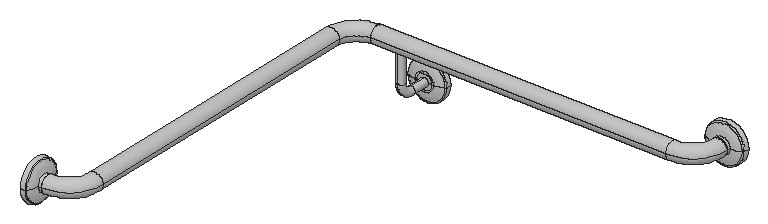
Revit family "Specialty Equipment_Grab Rail_Metlam_MLR 109", category Specialty Equipment, Revit 2014
Parameters (values of type "750w x 170h x 750d")
  URL = "http://www.metlam.com.au/"
  Type Comments = "Grab Rails"  # constant formula
  ModifiedIssue_ANZRS = 20151029  # constant formula
  Model = "MLR 109"
  Manufacturer_Overall Width = 750 mm  # constant formula
  Grab Rail Material = z_Metlam_Stainless Steel
  Manufacturer_URL__Product Specific = "http://metlam.com.au/product/content/grab-rails/MLR109"
  Manufacturer_URL_Home Page = "http://www.metlam.com.au/"
  Manufacturer_Spec Code = Model  # "MLR 109"
  Manufacturer_Overall Height = 170 mm  # constant formula
  Manufacturer_Overall Depth = 750 mm  # constant formula
  Manufacturer_Height From FFL [instance] = 805 mm
  Manufacturer = "Metlam"  # constant formula
  Keynote = ""
  Description = "LH Corner Wall Flush Mount Shower Grab Rail"  # constant formula
  CreatedBy_ANZRS = "IGS - BIM Solutions"  # constant formula
  CreatedByURL_ANZRS = "http://www.igsgroup.com.au/"
  Assembly Code = "C1030200"
Reference planes
  plane 1 "Origin": z = 0
  plane 2 "Centre of Grab": z = 789
  plane 3 "Top": z = 828
  plane 4 "Bottom Centre": z = 696
  plane 5 "Bottom": z = 658
  plane 6 "Back": y = 610
  plane 7 "Right": x = 152
  plane 8 "Left": x = -598
  plane 9 "Front": y = -140
  plane 10 "Mounting Height": z = 805
  plane 11 "Center (Left/Right)": x = -223
  plane 12 "Center (Front/Back)": y = 235
Forms (mm)
  Sweep 1, solid, material "z_Metlam_Stainless Steel" <- "Grab Rail Material"
    path origin (-166.031, 0, 789) x (0, -1, 0) y (1, 0, 0)
      loop
        line (140, -408.969) -> (140, -407.969)
        arc (140, -407.969) -> (125.355, -372.614) -> (90, -357.969) r 50
        line (90, -357.969) -> (-486, -357.969)
        arc (-486, -357.969) -> (-521.355, -343.325) -> (-536, -307.969) r 50
        line (-536, -307.969) -> (-536, 268.031)
        arc (-536, 268.031) -> (-550.645, 303.386) -> (-586, 318.031) r 50
        line (-586, 318.031) -> (-586.983, 318.031)
    profile origin (-574.5, -140, 789) x (0, 1, 0) y (0, 0, 1)
      loop
        circle (0, 0) r 16
  Revolve 2, solid, material "z_Metlam_Stainless Steel" <- "Grab Rail Material"
    sketch origin (-706.405, -914.031, 789) x (-1, 0, 0) y (0, -1, 0)
      loop
        line (-842.405, -1507.969) -> (-842.405, -1501) -> (-858.405, -1501) -> (-858.405, -1524.031) -> (-819.405, -1524.031) -> (-820.806, -1515.241)
        arc (-820.806, -1515.241) -> (-821.256, -1514.162) -> (-822.148, -1513.405) r 2.5
        arc (-822.148, -1513.405) -> (-831.996, -1509.643) -> (-842.405, -1507.969) r 51.397
      axis (-858.405, -1501) -> (-858.405, -1524.031)
    angle from 0 to 360
  Revolve 3, solid, material "z_Metlam_Stainless Steel" <- "Grab Rail Material"
    sketch origin (-34.405, -1648, 789) x (-1, 0, 0) y (0, -1, 0)
      loop
        arc (547.564, -1524) -> (549.238, -1534.409) -> (553, -1544.257) r 51.397
        arc (553, -1544.257) -> (553.757, -1545.149) -> (554.836, -1545.599) r 2.5
        line (554.836, -1545.599) -> (563.595, -1547) -> (563.595, -1508) -> (540.595, -1508) -> (540.595, -1524) -> (547.564, -1524)
      axis (540.595, -1508) -> (563.595, -1508)
    angle from 0 to 360
  Revolve 4, solid, material "z_Metlam_Stainless Steel" <- "Grab Rail Material"
    sketch origin (-428, 610, 696) x (-1, 0, 0) y (0, -1, 0)
      loop
        line (38, 0) -> (37.609, 8.494)
        arc (37.609, 8.494) -> (37.213, 9.734) -> (36.246, 10.607) r 2.5
        arc (36.246, 10.607) -> (27.366, 14.116) -> (17.983, 15.888) r 50.422
        arc (17.983, 15.888) -> (16.426, 15.995) -> (14.865, 16.031) r 34
        line (14.865, 16.031) -> (0, 16.031) -> (0, 0) -> (38, 0)
      axis (0, 0) -> (0, 16.031)
    angle from 0 to 360
  Sweep 5, solid, material "z_Metlam_Stainless Steel" <- "Grab Rail Material"
    path origin (-528, 610, 0) x (0, 1, 0) y (0, 0, 1)
      loop
        line (-16.031, 696) -> (-49, 696)
        arc (-49, 696) -> (-66.678, 703.322) -> (-74, 721) r 25
        line (-74, 721) -> (-74, 789)
    profile origin (-528, 577.485, 696) x (0, 0, -1) y (1, 0, 0)
      loop
        circle (0, 100) r 7.5
Cuts and joins
  joined: Sweep 1, Revolve 2, Revolve 3, Sweep 5
Lines and regions (mm)
  Masking region 1
    outline origin (0, 0, 789) x (-1, 0, 0) y (0, -1, 0)
      loop
        line (-136, -593.969) -> (-136, -585.962)
        arc (-136, -585.962) -> (-126.053, -561.947) -> (-102.038, -552) r 33.962
        line (-102.038, -552) -> (420.497, -552) -> (420.497, -593.969) -> (411.997, -593.969)
        arc (411.997, -593.969) -> (401.567, -595.623) -> (391.711, -599.414) r 50.422
        arc (391.711, -599.414) -> (390.787, -600.234) -> (390.38, -601.4) r 2.455
        line (390.38, -601.4) -> (390, -610) -> (466, -610) -> (465.614, -601.404)
        arc (465.614, -601.404) -> (465.208, -600.236) -> (464.283, -599.414) r 2.455
        arc (464.283, -599.414) -> (454.427, -595.623) -> (443.997, -593.969) r 50.422
        line (443.997, -593.969) -> (435.497, -593.969) -> (435.497, -552) -> (473.969, -552)
        arc (473.969, -552) -> (520.66, -532.66) -> (540, -485.968) r 66.031
        line (540, -485.968) -> (540, 90)
        arc (540, 90) -> (549.958, 114.042) -> (574, 124) r 34
        line (574, 124) -> (581.969, 124)
        arc (581.969, 124) -> (583.622, 113.577) -> (587.407, 103.727) r 50.422
        arc (587.407, 103.727) -> (588.158, 102.847) -> (589.226, 102.404) r 2.482
        line (589.226, 102.404) -> (598, 101) -> (598, 179) -> (589.212, 177.594)
        arc (589.212, 177.594) -> (588.156, 177.155) -> (587.414, 176.286) r 2.455
        arc (587.414, 176.286) -> (583.623, 166.43) -> (581.969, 156) r 50.422
        line (581.969, 156) -> (574.047, 156)
        arc (574.047, 156) -> (527.345, 136.656) -> (508, 89.953) r 66.047
        line (508, 89.953) -> (508, -486)
        arc (508, -486) -> (498.042, -510.041) -> (474, -520) r 34
        line (474, -520) -> (-102, -520)
        arc (-102, -520) -> (-148.669, -539.331) -> (-168, -586) r 66
        line (-168, -586) -> (-168, -593.969)
        arc (-168, -593.969) -> (-178.423, -595.621) -> (-188.273, -599.407) r 50.422
        arc (-188.273, -599.407) -> (-189.153, -600.158) -> (-189.596, -601.225) r 2.482
        line (-189.596, -601.225) -> (-191, -610) -> (-113, -610) -> (-114.404, -601.225)
        arc (-114.404, -601.225) -> (-114.847, -600.158) -> (-115.727, -599.407) r 2.482
        arc (-115.727, -599.407) -> (-125.577, -595.621) -> (-136, -593.969) r 50.422
  Masking region 2
    outline origin (0, -90, 0) x (-1, 0, 0) y (0, 0, 1)
      loop
        arc (-116.433, 805) -> (-191, 789) -> (-116.433, 773) r 39
        line (-116.433, 773) -> (420.5, 773) -> (420.5, 733.253)
        arc (420.5, 733.253) -> (428, 658) -> (435.5, 733.253) r 38
        line (435.5, 733.253) -> (435.5, 773) -> (581.969, 773)
        arc (581.969, 773) -> (583.624, 762.57) -> (587.421, 752.715) r 50.273
        arc (587.421, 752.715) -> (588.179, 751.83) -> (589.256, 751.385) r 2.5
        line (589.256, 751.385) -> (598, 750) -> (598, 828) -> (589.256, 826.615)
        arc (589.256, 826.615) -> (588.179, 826.17) -> (587.421, 825.285) r 2.5
        arc (587.421, 825.285) -> (583.624, 815.43) -> (581.969, 805) r 50.273
        line (581.969, 805) -> (-116.433, 805)
  Masking region 3
    outline origin (0, 0, 0) x (0, 1, 0) y (0, 0, 1)
      loop
        line (593.969, 805) -> (-104.433, 805)
        arc (-104.433, 805) -> (-179, 789) -> (-104.433, 773) r 39
        line (-104.433, 773) -> (528.5, 773) -> (528.5, 721.093)
        arc (528.5, 721.093) -> (538.046, 698.046) -> (561.093, 688.5) r 32.593
        line (561.093, 688.5) -> (593.969, 688.5) -> (593.969, 680)
        arc (593.969, 680) -> (595.604, 669.577) -> (599.4, 659.732) r 49.754
        arc (599.4, 659.732) -> (600.144, 658.859) -> (601.2, 658.41) r 2.5
        line (601.2, 658.41) -> (610, 658) -> (610, 734) -> (601.2, 733.59)
        arc (601.2, 733.59) -> (600.144, 733.141) -> (599.4, 732.268) r 2.5
        arc (599.4, 732.268) -> (595.604, 722.423) -> (593.969, 712) r 49.754
        line (593.969, 712) -> (593.969, 703.5) -> (561.128, 703.5)
        arc (561.128, 703.5) -> (548.663, 708.663) -> (543.5, 721.128) r 17.628
        line (543.5, 721.128) -> (543.5, 773) -> (593.969, 773)
        arc (593.969, 773) -> (595.604, 762.577) -> (599.4, 752.732) r 49.754
        arc (599.4, 752.732) -> (600.158, 751.849) -> (601.233, 751.405) r 2.5
        line (601.233, 751.405) -> (610, 750.016) -> (610, 827.984) -> (601.233, 826.595)
        arc (601.233, 826.595) -> (600.158, 826.151) -> (599.4, 825.268) r 2.5
        arc (599.4, 825.268) -> (595.604, 815.423) -> (593.969, 805) r 49.754
  symbolic lines, style "Grab Rails", detail levels medium+fine
    curve 1: line (-581.969, -156, 789) -> (-581.969, -124, 789)
    curve 2: line (168, 593.969, 789) -> (136, 593.969, 789)
    curve 3: line (-581.969, -90, 773) -> (-581.969, -90, 805)
    curve 4: line (152, -90, 805) -> (116.433, -90, 805)
    curve 5: arc (152, -90, 773) -> (168, -90, 789) -> (152, -90, 805) r 16
    curve 6: line (116.433, -90, 773) -> (152, -90, 773)
    curve 7: arc (-420.5, 0, 696) -> (-428, 0, 688.5) -> (-435.5, 0, 696) r 7.5
    curve 8: line (-420.5, 0, 733.253) -> (-420.5, 0, 696)
    curve 9: line (-435.5, 0, 696) -> (-435.5, 0, 733.253)
    curve 10: line (0, 535.958, 773) -> (0, 543.5, 773)
    curve 11: line (-435.5, 593.969, 0) -> (-420.5, 593.969, 0)
    curve 12: line (-435.5, 552, 0) -> (-420.5, 552, 0)
    curve 13: line (0, 593.969, 805) -> (0, 593.969, 773)
    curve 14: line (110, -104.433, 805) -> (110, -140, 805)
    curve 15: line (110, -104.433, 773) -> (110, -140, 773)
    curve 16: arc (110, -140, 773) -> (110, -156, 789) -> (110, -140, 805) r 16
    curve 17: arc (-524.002, -90, 773) -> (-508.002, -90, 789) -> (-524.002, -90, 805) r 16
    curve 18: line (-435.5, -90, 773) -> (-420.5, -90, 773)
    curve 19: line (0, 593.969, 688.5) -> (0, 593.969, 703.5)
    curve 20: arc (110, 535.958, 773) -> (110, 519.958, 789) -> (110, 535.958, 805) r 16
    curve 21: line (0, 528.5, 774.867) -> (0, 528.5, 773)
Text (mm)
  text "Disclaimer:\n\nDue to ongoing product development and manufacturing evolution, product details are subject to change without notice.\n\nPlease refer to product technical data sheets on www.metlam.com.au for the most current product information.\n\nPlease allow a +/- 5mm tolerance for dimensions and set-outs shown in product literature.\n\n© Metlam 2015" at (462.388, 554.737, 0), in view "Ref. Level_Instruction"
Dimensions and locks
  "Manufacturer_Height From FFL": plane 10 "Mounting Height" to plane 1 "Origin"
  "Manufacturer_Overall Height": plane 3 "Top" to plane 5 "Bottom"
  "Manufacturer_Overall Depth": plane 6 "Back" to plane 9 "Front"
  "Manufacturer_Overall Width": plane 8 "Left" to plane 7 "Right"
  locked: plane 10 "Mounting Height" to plane 3 "Top" at 23
  plane 5 "Bottom" to plane 4 "Bottom Centre" to plane 2 "Centre of Grab" = 38 mm locked, 93 mm locked
  equal spacing: plane 8 "Left", plane 11 "Center (Left/Right)", plane 7 "Right"
  equal spacing: plane 6 "Back", plane 12 "Center (Front/Back)", plane 9 "Front"
  aligned and locked: level to plane 1 "Origin"
  aligned and locked: plane 2 "Centre of Grab" to Sweep 1 sketch curve
  aligned and locked: curve 4 to Masking region 2
  aligned and locked: Masking region 2 to curve 6
Automatic sketch dimensions
  Sweep 1 sketch curve to profile plane = 0 mm
  Revolve 2 sketch curve to Revolve 2 sketch curve = 16 mm
  Revolve 2 sketch curve to Revolve 2 sketch curve = 0.395 mm
  Revolve 2 sketch curve to Revolve 2 sketch curve = 6.969 mm
  Revolve 2 sketch curve to Revolve 2 sketch curve = 4.717 mm
  Revolve 2 sketch curve to Revolve 2 sketch curve = 19.13 mm
  Revolve 2 sketch curve to Revolve 2 sketch curve = 1.342 mm
  Revolve 2 sketch curve to Revolve 2 sketch curve = 1.401 mm
  Sweep 5 sketch curve to profile plane = 0 mm
  Sweep 5 sketch curve to plane 2 "Centre of Grab" = 0 mm
  plane 4 "Bottom Centre" to Sweep 5 sketch curve = 25 mm
  Sweep 5 sketch curve to Sweep 5 sketch curve = 25 mm
  Revolve 2 sketch curve to plane 6 "Back" = 0 mm
  Revolve 4 sketch curve to Revolve 4 sketch curve = 2.497 mm
  Revolve 4 sketch curve to Revolve 4 sketch curve = 0.391 mm
  Revolve 4 sketch curve to Revolve 4 sketch curve = 16.353 mm
  Revolve 4 sketch curve to Revolve 4 sketch curve = 3.117 mm
  Revolve 4 sketch curve to Revolve 4 sketch curve = 0 mm  (x3)
  Revolve 4 sketch curve to Revolve 4 sketch curve = 11.61 mm
  curve 7 to plane 4 "Bottom Centre" = 0 mm
  curve 9 to curve 7 = 7.5 mm
  curve 7 to curve 9 = 37.253 mm
  curve 8 to curve 9 = 0 mm
  Revolve 2 sketch curve to plane 7 "Right" = 0 mm  (x2)
  Revolve 2 sketch curve to plane 7 "Right" = 13.089 mm
  Revolve 4 sketch curve to Revolve 4 sketch curve = 1.506 mm
  profile plane to Sweep 5 sketch curve = 100 mm
  Revolve 3 sketch curve to Revolve 3 sketch curve = 6.969 mm
  Revolve 3 sketch curve to Revolve 3 sketch curve = 7.272 mm
  Revolve 3 sketch curve to Revolve 3 sketch curve = 0.395 mm
  Revolve 3 sketch curve to Revolve 3 sketch curve = 8.759 mm
  Revolve 3 sketch curve to Revolve 3 sketch curve = 19.13 mm
  Revolve 3 sketch curve to Revolve 3 sketch curve = 1.342 mm
  Revolve 3 sketch curve to Revolve 3 sketch curve = 1.401 mm
  Revolve 3 sketch curve to Revolve 3 sketch curve = 10 mm
  Sweep 5 sketch curve to Sweep 5 sketch curve = 32.969 mm
  Masking region 1 sketch curve to plane 6 "Back" = 0 mm  (x2)
  plane 7 "Right" to Masking region 1 sketch curve = 39 mm
  Masking region 1 sketch curve to plane 6 "Back" = 8.775 mm  (x2)
  Masking region 1 sketch curve to Masking region 1 sketch curve = 1.404 mm  (x3)
  Masking region 1 sketch curve to Masking region 1 sketch curve = 2.451 mm  (x3)
  plane 7 "Right" to Masking region 1 sketch curve = 16 mm
  plane 7 "Right" to Masking region 1 sketch curve = 13.36 mm
  Masking region 1 sketch curve to plane 7 "Right" = 13.36 mm
  Masking region 1 sketch curve to plane 7 "Right" = 16 mm
  Masking region 1 sketch curve to plane 6 "Back" = 8.382 mm
  Masking region 1 sketch curve to Masking region 1 sketch curve = 19.145 mm
  Masking region 1 sketch curve to Masking region 1 sketch curve = 12.366 mm
  Masking region 1 sketch curve to Masking region 1 sketch curve = 0.038 mm  (x2)
  Masking region 1 sketch curve to plane 6 "Back" = 8.6 mm
  Masking region 1 sketch curve to Masking region 1 sketch curve = 0.38 mm
  Masking region 1 sketch curve to Masking region 1 sketch curve = 2.447 mm  (x2)
  Masking region 1 sketch curve to plane 6 "Back" = 8.4 mm
  Masking region 1 sketch curve to Masking region 1 sketch curve = 19.17 mm  (x3)
  Masking region 1 sketch curve to plane 6 "Back" = 8.596 mm
  Masking region 1 sketch curve to Masking region 1 sketch curve = 0.386 mm
  Masking region 1 sketch curve to Masking region 1 sketch curve = 8.355 mm
  Masking region 1 sketch curve to Masking region 1 sketch curve = 0.031 mm
  Masking region 1 sketch curve to Masking region 1 sketch curve = 34 mm  (x2)
  Masking region 1 sketch curve to Masking region 1 sketch curve = 32 mm
  Masking region 1 sketch curve to Masking region 1 sketch curve = 0.047 mm  (x2)
  Masking region 1 sketch curve to Masking region 1 sketch curve = 7.969 mm
  Masking region 1 sketch curve to Masking region 1 sketch curve = 7.922 mm
  Masking region 1 sketch curve to Masking region 1 sketch curve = 7.243 mm
  Masking region 1 sketch curve to Masking region 1 sketch curve = 15.178 mm
  Masking region 1 sketch curve to Masking region 1 sketch curve = 0.388 mm
  Masking region 1 sketch curve to Masking region 1 sketch curve = 0.392 mm  (x2)
  Masking region 1 sketch curve to Masking region 1 sketch curve = 8.788 mm
  Masking region 1 sketch curve to Masking region 1 sketch curve = 34.322 mm
  Masking region 1 sketch curve to Masking region 1 sketch curve = 0 mm  (x4)
  plane 6 "Back" to Masking region 1 sketch curve = 34.322 mm  (x2)
  Masking region 1 sketch curve to Masking region 1 sketch curve = 0.2 mm
  Masking region 1 sketch curve to plane 6 "Back" = 16.031 mm  (x4)
  Masking region 1 sketch curve to Masking region 1 sketch curve = 13.407 mm
  Masking region 1 sketch curve to Masking region 1 sketch curve = 2.424 mm
  Masking region 1 sketch curve to Masking region 1 sketch curve = 1.406 mm
  Revolve 3 sketch curve to Revolve 3 sketch curve = 4.717 mm
  curve 9 to plane 7 "Right" = 587.5 mm
  Masking region 2 sketch curve to plane 2 "Centre of Grab" = 0 mm
  Masking region 2 sketch curve to plane 7 "Right" = 0 mm
  Masking region 2 sketch curve to plane 4 "Bottom Centre" = 0 mm
  Masking region 2 sketch curve to plane 3 "Top" = 0 mm
  plane 2 "Centre of Grab" to Masking region 2 sketch curve = 16 mm
  Masking region 2 sketch curve to plane 7 "Right" = 35.567 mm
  Masking region 2 sketch curve to plane 2 "Centre of Grab" = 16 mm
  Masking region 2 sketch curve to plane 3 "Top" = 1.385 mm
  Masking region 2 sketch curve to Masking region 2 sketch curve = 0.391 mm  (x2)
  Masking region 2 sketch curve to plane 2 "Centre of Grab" = 13.381 mm
  plane 2 "Centre of Grab" to Masking region 2 sketch curve = 13.381 mm
  Masking region 2 sketch curve to Masking region 2 sketch curve = 0 mm  (x2)
  plane 4 "Bottom Centre" to Masking region 2 sketch curve = 37.253 mm
  Masking region 2 sketch curve to plane 2 "Centre of Grab" = 39 mm
  Masking region 2 sketch curve to Masking region 2 sketch curve = 1.385 mm
  Masking region 2 sketch curve to Masking region 2 sketch curve = 2.469 mm  (x2)
  Masking region 3 sketch curve to plane 2 "Centre of Grab" = 0 mm
  Masking region 3 sketch curve to plane 6 "Back" = 0 mm  (x2)
  Masking region 3 sketch curve to plane 5 "Bottom" = 0 mm
  plane 2 "Centre of Grab" to Masking region 3 sketch curve = 16 mm
  Masking region 3 sketch curve to plane 6 "Back" = 81.5 mm
  Masking region 3 sketch curve to Masking region 3 sketch curve = 15 mm
  Masking region 3 sketch curve to plane 4 "Bottom Centre" = 7.5 mm
  Masking region 3 sketch curve to Masking region 3 sketch curve = 17.593 mm
  plane 4 "Bottom Centre" to Masking region 3 sketch curve = 7.5 mm
  Masking region 3 sketch curve to Masking region 3 sketch curve = 0.035 mm
  Masking region 3 sketch curve to plane 6 "Back" = 16.031 mm  (x3)
  Masking region 3 sketch curve to Masking region 3 sketch curve = 0 mm  (x4)
  plane 5 "Bottom" to Masking region 3 sketch curve = 0.41 mm
  Masking region 3 sketch curve to plane 6 "Back" = 8.8 mm  (x2)
  Masking region 3 sketch curve to plane 3 "Top" = 1.405 mm
  Masking region 3 sketch curve to plane 6 "Back" = 8.767 mm  (x2)
  Masking region 3 sketch curve to Masking region 3 sketch curve = 0.391 mm  (x2)
  Masking region 3 sketch curve to Masking region 3 sketch curve = 0.424 mm  (x2)
  Masking region 3 sketch curve to plane 2 "Centre of Grab" = 13.546 mm
  plane 6 "Back" to Masking region 3 sketch curve = 33.662 mm  (x2)
  Masking region 3 sketch curve to plane 4 "Bottom Centre" = 13.546 mm
  plane 4 "Bottom Centre" to Masking region 3 sketch curve = 13.546 mm
  Masking region 3 sketch curve to Masking region 3 sketch curve = 2.464 mm
  Masking region 3 sketch curve to Masking region 3 sketch curve = 8.5 mm  (x2)
  Masking region 3 sketch curve to Masking region 3 sketch curve = 19.126 mm
  Masking region 3 sketch curve to Masking region 3 sketch curve = 1.322 mm
  Masking region 3 sketch curve to Masking region 3 sketch curve = 0.41 mm
  Masking region 3 sketch curve to Masking region 3 sketch curve = 16.016 mm
  Masking region 3 sketch curve to Masking region 3 sketch curve = 1.389 mm
  Masking region 3 sketch curve to Masking region 3 sketch curve = 2.469 mm  (x2)
  plane 2 "Centre of Grab" to Masking region 3 sketch curve = 13.546 mm
  Masking region 3 sketch curve to plane 3 "Top" = 0.016 mm
  Masking region 3 sketch curve to plane 2 "Centre of Grab" = 16 mm
  curve 21 to plane 2 "Centre of Grab" = 14.133 mm
  curve 21 to plane 6 "Back" = 81.5 mm
  curve 21 to curve 10 = 7.458 mm
  curve 10 to curve 10 = 7.542 mm
  plane 4 "Bottom Centre" to curve 19 = 7.5 mm
  curve 19 to plane 6 "Back" = 16.031 mm
  curve 13 to plane 6 "Back" = 16.031 mm
  curve 10 to curve 21 = 1.867 mm
  curve 21 to curve 21 = 1.867 mm
  curve 13 to plane 2 "Centre of Grab" = 16 mm
  curve 19 to plane 4 "Bottom Centre" = 7.5 mm
  plane 2 "Centre of Grab" to curve 13 = 16 mm
  Sweep 1 sketch curve to plane 7 "Right" = 0 mm
  Sweep 1 sketch curve to plane 6 "Back" = 124 mm
  Sweep 1 sketch curve to plane 6 "Back" = 74 mm
  Sweep 1 sketch curve to plane 6 "Back" = 24 mm
  Sweep 1 sketch curve to Sweep 1 sketch curve = 0.983 mm
  Sweep 1 sketch curve to Sweep 1 sketch curve = 1 mm
  curve 12 to plane 6 "Back" = 58 mm
  curve 11 to plane 6 "Back" = 16.031 mm
  Revolve 2 sketch curve to plane 6 "Back" = 8.79 mm
  Revolve 2 sketch curve to Revolve 2 sketch curve = 2.469 mm
  plane 6 "Back" to Revolve 2 sketch curve = 35.252 mm
  Revolve 2 sketch curve to Revolve 2 sketch curve = 10.031 mm
  Revolve 3 sketch curve to Revolve 3 sketch curve = 16 mm
  Revolve 4 sketch curve to plane 6 "Back" = 0 mm  (x2)
  Revolve 4 sketch curve to plane 6 "Back" = 8.379 mm
  Revolve 4 sketch curve to Revolve 4 sketch curve = 17.129 mm
  plane 6 "Back" to Revolve 4 sketch curve = 17.969 mm
  Sweep 5 sketch curve to plane 6 "Back" = 74 mm
  Masking region 1 sketch curve to Masking region 1 sketch curve = 8.5 mm
  Masking region 2 sketch curve to Masking region 2 sketch curve = 8.744 mm
  Masking region 2 sketch curve to Masking region 2 sketch curve = 34.174 mm
  Masking region 1 sketch curve to Masking region 1 sketch curve = 11.047 mm
  Masking region 1 sketch curve to Masking region 1 sketch curve = 25.64 mm
  Masking region 1 sketch curve to Masking region 1 sketch curve = 26.719 mm  (x2)
  Masking region 3 sketch curve to Masking region 3 sketch curve = 35.567 mm
  Revolve 3 sketch curve to Revolve 3 sketch curve = 2.469 mm
  plane 7 "Right" to curve 2 = 16 mm
  curve 2 to plane 7 "Right" = 16 mm
  curve 1 to curve 1 = 32 mm
  curve 2 to plane 6 "Back" = 16.031 mm
  plane 8 "Left" to Sweep 1 sketch curve = 24 mm
  plane 8 "Left" to Masking region 2 sketch curve = 16.031 mm  (x2)
  Masking region 2 sketch curve to Masking region 2 sketch curve = 7.287 mm  (x2)
  Revolve 3 sketch curve to plane 8 "Left" = 0 mm
  plane 8 "Left" to curve 1 = 16.031 mm
  Sweep 1 sketch curve to plane 9 "Front" = 0 mm
  plane 9 "Front" to Masking region 1 sketch curve = 50.047 mm
  plane 9 "Front" to Masking region 3 sketch curve = 35.567 mm
  Revolve 3 sketch curve to plane 9 "Front" = 0 mm  (x2)
  plane 9 "Front" to Revolve 3 sketch curve = 13.089 mm
  plane 9 "Front" to curve 1 = 16 mm
  curve 14 to plane 9 "Front" = 0 mm
  curve 20 to plane 2 "Centre of Grab" = 0 mm
  curve 16 to plane 2 "Centre of Grab" = 0 mm
  curve 20 to plane 6 "Back" = 74.042 mm
  curve 15 to plane 2 "Centre of Grab" = 16 mm
  curve 14 to curve 14 = 35.567 mm
  curve 15 to curve 14 = 0 mm
  curve 20 to plane 2 "Centre of Grab" = 16 mm
  plane 9 "Front" to Sweep 1 sketch curve = 50 mm
  Masking region 1 sketch curve to plane 8 "Left" = 0 mm
  Masking region 2 sketch curve to Masking region 2 sketch curve = 7.5 mm
  Masking region 2 sketch curve to Masking region 2 sketch curve = 15 mm
  curve 6 to plane 7 "Right" = 0 mm
  curve 17 to plane 2 "Centre of Grab" = 0 mm
  plane 8 "Left" to curve 17 = 73.998 mm
  curve 5 to curve 6 = 35.567 mm
  curve 6 to curve 4 = 0 mm
  plane 8 "Left" to curve 3 = 16.031 mm
  curve 17 to curve 17 = 16 mm
  curve 18 to plane 2 "Centre of Grab" = 16 mm
  curve 3 to plane 2 "Centre of Grab" = 16 mm
  plane 2 "Centre of Grab" to curve 3 = 16 mm
  plane 8 "Left" to curve 12 = 162.5 mm
  curve 11 to curve 12 = 0 mm
  curve 12 to curve 12 = 15 mm
  curve 11 to curve 11 = 15 mm
  Masking region 1 sketch curve to Masking region 1 sketch curve = 45.497 mm
  Masking region 1 sketch curve to Masking region 1 sketch curve = 24.637 mm
  Masking region 1 sketch curve to Masking region 1 sketch curve = 15 mm
  Masking region 2 sketch curve to Masking region 2 sketch curve = 161.469 mm
  curve 18 to curve 17 = 103.502 mm
  curve 18 to curve 18 = 15 mm
  plane 8 "Left" to Revolve 4 sketch curve = 170 mm
  Revolve 4 sketch curve to Revolve 4 sketch curve = 13.36 mm
  radius of Sweep 1 sketch curve = 16 mm
  radius of Sweep 5 sketch curve = 7.5 mm
